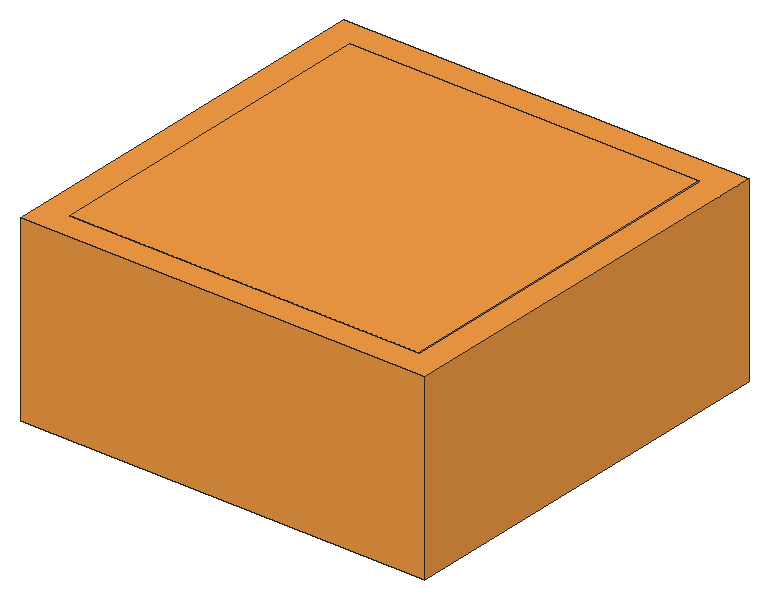
Revit family "Detector óptico térmico_Aguilera Electronica", category Dispositivos de alarma de incendios, Revit 2017
Family settings
  Anfitrión = Cara
  Mantener orientación de anotación = Sí
  Cota de conector redondo = Diámetro de uso
  Tipo de pieza = Normal
  Número OmniClass = 23.85.30.21.11.11.11
  Título OmniClass = Smoke Detectors
  Corte con vacíos al cargar = No
  Compartido = No
  Punto de cálculo de habitación = No
Parameters (values of type "Detector óptico térmico con suplemento para superficie")
  Zona de acción 80 m2 = yes
  Zona de acción 60 m2 = yes
  Símbolo = yes
  Suplemento para superficie = yes
  Símbolo texto modelo = yes
  Radio = Diámetro / 2  # 49.5 mm
  Altura 3 = 17 mm  # constant formula
  Altura 2 = 30 mm
  URL = "https://aguilera.es/?productos=detector-optico-termico"
  Modelo = "AE/C5-OPT + AE/C5-ZA"
  Fabricante = "Aguilera Electrónica"  # constant formula
  Elevación por defecto = 1200 mm
  Diámetro = 99 mm  # constant formula
  Descripción = "Detector óptico de humos que opera según el principio de luz dispersa (efecto Tyndall). Está indicado para detectar los incendios en su primera fase de humos, antes de quese formen llamas o de que se produzcan aumentos peligrosos de temperatura. Formado por una cámara oscura que incorpora un emisor y un receptor que detectanla presencia de partículas de humo en su interior, y un sensor de temperatura. El detector dispone de 2 indicadores luminosos (LED) que indican de manera visible suestado de funcionamiento en reposo y alarma. Además puede ser conectado un indicadorde acción remoto, conectándolo a la base del detector. Una vez activado el detector, la alarma se queda enclavada, siendo necesario hacer un corte momentáneo de la alimentación para poder reponerlo. Fabricado según normas EN 54-7:2000 y EN 54-5:2000. Respuesta térmica clase A2. Debido al método de detección de este tipo de detectores se recomienda su instalación en ambientes limpios."  # constant formula
  Type Comments = "Detector óptico de humos y térmico de calor (clase A). Certificados LPCB según normas EN 54-5 y EN 54-7.\r\n\r\nDetectores de bajo perfil con diseño atractivo. Fabricados con tecnología SMD, disponen de doble indicador luminoso, salida de alarma remota y misma base intercambiable de fácil conexión.\r\n\r\nZócalo y protector de polvo incluidos.\r\n\r\n    Conexión a 2 hilos.\r\n    Alimentación entre 15 y 35 Vcc.\r\n    Consumo: 35 ?A (reposo), 80 mA (alarma).\r\n    Medidas: Ø 99 mm, altura con base incluida: 61 mm.\r\n\r\n"  # constant formula
  Altura 1 = 38 mm  # constant formula
Types (5, lengths in mm): name | Suplemento para superficie | Altura 2 | Modelo
  (no name) | yes | 30 | "AE/C5-OPT + AE/C5-ZA"
  Detector óptico térmico | no | 1 | "AE/C5-OPT"
  Detector óptico térmico con suplemento para superficie | yes | 30 | "AE/C5-OPT + AE/C5-ZA"
  Detector óptico térmico con zócalo bajo | no | 10 | "AE/C5-OPT + AE/ZCB"
  Detector óptico térmico con zócalo alto | no | 22 | "AE/C5-OPT + AE/ZCA"
Reference planes
  plane 1 "Centro (Frontal/Posterior)": y = 0
  plane 2: z = 0
  plane 3 "Centro (Izquierda/Derecha)": x = 0
  plane 4: z = 85
  plane 5: z = 68
  plane 6: z = 30
Forms (mm)
  Extrusion 1, solid
    sketch origin (0, 0, 0) x (1, 0, 0) y (0, 1, 0)
      loop
        line (-1219.2, 1219.2) -> (-1219.2, -1219.2) -> (1219.2, -1219.2) -> (1219.2, 1219.2) -> (-1219.2, 1219.2)
    from 0 to -304.8
  Extrusion 2, solid, material "Carcasa ABS", detail levels fine
    sketch origin (0, 0, 0) x (1, 0, 0) y (0, 1, 0)
      loop
        circle (0, 0) r 18.837
    from 83.409 to 85
  Extrusion 3, solid, material "Carcasa ABS", detail levels fine
    sketch origin (-4.745, 0, 83.026) x (1, 0, 0) y (0, 0, -1)
      loop
        line (-11.595, 15.026) -> (-27.226, 15.026)
        arc (-27.226, 15.026) -> (-19.312, 8.242) -> (-13.459, -0.384) r 39.318
        line (-13.459, -0.384) -> (-11.595, -0.384) -> (-11.595, 15.026)
    from -2.054 to 1.982
  Revolve 4, solid, material "Carcasa ABS"
    sketch origin (0, 0, 0) x (0, 1, 0) y (0, 0, 1)
      loop
        line (-49.5, 30) -> (-49.5, 0) -> (0, 0) -> (0, 30) -> (-49.5, 30)
      axis (0, 30) -> (0, 0)
    angle from 0 to 360
  Extrusion 5, solid, material "Carcasa ABS", visible <- "Suplemento para superficie", detail levels medium+fine
    sketch origin (0, 0, 28.069) x (0, 1, 0) y (0, 0, 1)
      loop
        circle (0, -13.675) r 10
    from 46.956 to 49.451
  Extrusion 6, solid, material "Carcasa ABS", visible <- "Suplemento para superficie", detail levels medium+fine
    sketch origin (0, 0, 28.069) x (-1, 0, 0) y (0, 0, 1)
      loop
        circle (0, -13.675) r 10
    from 46.733 to 49.566
  Extrusion 7, solid, material "Carcasa ABS", visible <- "Suplemento para superficie", detail levels medium+fine
    sketch origin (0, 0, 28.069) x (0, 1, 0) y (0, 0, -1)
      loop
        circle (0, 13.675) r 10
    from 47.25 to 49.524
  Extrusion 8, solid, material "Carcasa ABS", detail levels fine
    sketch origin (4.771, 0, 83.026) x (-1, 0, 0) y (0, 0, 1)
      loop
        line (-11.623, -15.026) -> (-11.623, 0.384) -> (-13.433, 0.384)
        arc (-13.433, 0.384) -> (-19.259, -8.236) -> (-27.141, -15.026) r 39.328
        line (-27.141, -15.026) -> (-11.623, -15.026)
    from -2.054 to 1.982
  Revolve 9, solid, material "Carcasa ABS", detail levels medium+fine
    sketch origin (0, 0, 0) x (1, 0, 0) y (0, 0, 1)
      loop
        arc (-44.248, 68) -> (-47.962, 66.462) -> (-49.5, 62.748) r 5.252
        line (-49.5, 62.748) -> (-49.5, 30) -> (-18.204, 30) -> (-18.204, 68) -> (-44.248, 68)
      axis (0, 30) -> (0, 68)
    angle from 0 to 360
  Extrusion 10, solid, material "Zona de acción", visible <- "Zona de acción 80 m2"
    sketch origin (-3703.865, 3705, 0) x (1, 0, 0) y (0, 1, 0)
      loop
        line (-746.135, -8155) -> (8153.865, -8155) -> (8153.865, 745) -> (-746.135, 745) -> (-746.135, -8155)
    from 0 to 4000
  Extrusion 11, solid, material "Zona de acción", visible <- "Zona de acción 60 m2"
    sketch origin (-4303.865, 3105, 0) x (1, 0, 0) y (0, 1, 0)
      loop
        line (453.865, -6955) -> (8153.865, -6955) -> (8153.865, 745) -> (453.865, 745) -> (453.865, -6955)
    from 0 to 4000
  Revolve 12, solid, material "Carcasa ABS", detail levels fine
    sketch origin (0, 0, 0) x (0, 1, 0) y (0, 0, 1)
      loop
        line (0, 85) -> (0, 91.194) -> (-5.842, 91.194) -> (-9.418, 85) -> (0, 85)
      axis (0, 91.194) -> (0, 85)
    angle from 0 to 360
  Extrusion 13, solid, material "Carcasa ABS", detail levels fine
    sketch origin (-2.359, 4.065, 83.026) x (0.50057, -0.865696, 0) y (0, 0, -1)
      loop
        line (-11.595, 15.026) -> (-27.226, 15.026)
        arc (-27.226, 15.026) -> (-19.312, 8.242) -> (-13.459, -0.384) r 39.318
        line (-13.459, -0.384) -> (-11.595, -0.384) -> (-11.595, 15.026)
    from -2.054 to 1.982
  Extrusion 14, solid, material "Carcasa ABS", detail levels fine
    sketch origin (2.405, -4.174, 83.026) x (-0.50057, 0.865696, 0) y (0, 0, 1)
      loop
        line (-11.623, -15.026) -> (-11.623, 0.384) -> (-13.433, 0.384)
        arc (-13.433, 0.384) -> (-19.259, -8.236) -> (-27.141, -15.026) r 39.328
        line (-27.141, -15.026) -> (-11.623, -15.026)
    from -2.054 to 1.982
  Extrusion 15, solid, material "Carcasa ABS", detail levels fine
    sketch origin (2.363, 4.028, 83.026) x (-0.500735, -0.865601, 0) y (0, 0, -1)
      loop
        line (-11.595, 15.026) -> (-27.226, 15.026)
        arc (-27.226, 15.026) -> (-19.312, 8.242) -> (-13.459, -0.384) r 39.318
        line (-13.459, -0.384) -> (-11.595, -0.384) -> (-11.595, 15.026)
    from -2.054 to 1.982
  Extrusion 16, solid, material "Carcasa ABS", detail levels fine
    sketch origin (-2.402, -4.209, 83.026) x (0.500735, 0.865601, 0) y (0, 0, 1)
      loop
        line (-11.623, -15.026) -> (-11.623, 0.384) -> (-13.433, 0.384)
        arc (-13.433, 0.384) -> (-19.259, -8.236) -> (-27.141, -15.026) r 39.328
        line (-27.141, -15.026) -> (-11.623, -15.026)
    from -2.054 to 1.982
Dimensions and locks
  locked: Extrusion 2 to Extrusion 2 at 1.591
  "Altura 2": plane 6 to Extrusion 1
  "Altura 1": plane 5 to plane 6
  "Altura 3": plane 4 to plane 5
  "Radio": Revolve 4 sketch curve to Revolve 4 sketch curve
  "Radio": plane 3 "Centro (Izquierda/Derecha)" to Revolve 9 sketch curve
  aligned and locked: plane 2 to Extrusion 1
  aligned and locked: level to Extrusion 1
  aligned and locked: plane 4 to Extrusion 2
  aligned and locked: Extrusion 1 to Revolve 4 sketch curve
  aligned and locked: plane 1 "Centro (Frontal/Posterior)" to Revolve 4 sketch curve  (x2)
  aligned and locked: Extrusion 3 to plane 5
  aligned and locked: Revolve 4 sketch curve to plane 6
  aligned and locked: Revolve 9 sketch curve to plane 3 "Centro (Izquierda/Derecha)"
  aligned and locked: plane 6 to Revolve 9 sketch curve
  aligned and locked: Revolve 9 sketch curve to plane 5
  aligned and locked: Extrusion 3 to Extrusion 2
  aligned and locked: Extrusion 8 to Extrusion 2
  aligned and locked: Extrusion 8 to plane 5
Automatic sketch dimensions
  Extrusion 1 sketch curve to Extrusion 1 sketch curve = 2438.4 mm  (x2)
  plane 1 "Centro (Frontal/Posterior)" to Extrusion 2 sketch curve = 0 mm
  Extrusion 2 sketch curve to plane 3 "Centro (Izquierda/Derecha)" = 0 mm
  Extrusion 3 sketch curve to plane 5 = 0 mm
  Extrusion 3 sketch curve to plane 4 = 1.591 mm
  plane 4 to Extrusion 3 sketch curve = 15.98 mm
  Extrusion 3 sketch curve to plane 3 "Centro (Izquierda/Derecha)" = 53.377 mm
  Extrusion 3 sketch curve to plane 3 "Centro (Izquierda/Derecha)" = 31.971 mm
  Extrusion 3 sketch curve to Extrusion 3 sketch curve = 1.863 mm
  Extrusion 5 sketch curve to plane 1 "Centro (Frontal/Posterior)" = 0 mm
  level to Extrusion 5 sketch curve = 14.394 mm
  Extrusion 6 sketch curve to plane 3 "Centro (Izquierda/Derecha)" = 0 mm
  level to Extrusion 6 sketch curve = 14.394 mm
  Extrusion 7 sketch curve to plane 1 "Centro (Frontal/Posterior)" = 0 mm
  level to Extrusion 7 sketch curve = 14.394 mm
  Extrusion 8 sketch curve to plane 5 = 0 mm
  Extrusion 8 sketch curve to plane 4 = 1.591 mm
  plane 4 to Extrusion 8 sketch curve = 15.93 mm
  plane 3 "Centro (Izquierda/Derecha)" to Extrusion 8 sketch curve = 53.414 mm
  plane 3 "Centro (Izquierda/Derecha)" to Extrusion 8 sketch curve = 31.912 mm
  Extrusion 8 sketch curve to Extrusion 8 sketch curve = 1.81 mm
  Extrusion 10 sketch curve to plane 3 "Centro (Izquierda/Derecha)" = 4450 mm
  plane 3 "Centro (Izquierda/Derecha)" to Extrusion 10 sketch curve = 4450 mm
  plane 1 "Centro (Frontal/Posterior)" to Extrusion 10 sketch curve = 4450 mm
  Extrusion 10 sketch curve to plane 1 "Centro (Frontal/Posterior)" = 4450 mm
  Extrusion 11 sketch curve to plane 3 "Centro (Izquierda/Derecha)" = 3850 mm
  plane 3 "Centro (Izquierda/Derecha)" to Extrusion 11 sketch curve = 3850 mm
  plane 1 "Centro (Frontal/Posterior)" to Extrusion 11 sketch curve = 3850 mm
  Extrusion 11 sketch curve to plane 1 "Centro (Frontal/Posterior)" = 3850 mm
  Revolve 12 sketch curve to plane 4 = 0 mm
  Revolve 12 sketch curve to plane 1 "Centro (Frontal/Posterior)" = 0 mm  (x2)
  plane 1 "Centro (Frontal/Posterior)" to Revolve 12 sketch curve = 5.842 mm
  Revolve 12 sketch curve to Revolve 12 sketch curve = 3.576 mm
  plane 4 to Revolve 12 sketch curve = 6.194 mm
  Revolve 12 sketch curve to plane 5 = 2.457 mm
  Revolve 12 sketch curve to Revolve 12 sketch curve = 4.948 mm
  plane 5 to Extrusion 13 sketch curve = 0 mm
  plane 4 to Extrusion 13 sketch curve = 15.98 mm
  Extrusion 13 sketch curve to Extrusion 13 sketch curve = 21.406 mm
  Extrusion 13 sketch curve to plane 4 = 1.591 mm
  Extrusion 13 sketch curve to Extrusion 13 sketch curve = 1.863 mm
  plane 5 to Extrusion 14 sketch curve = 0 mm
  plane 4 to Extrusion 14 sketch curve = 15.93 mm
  Extrusion 14 sketch curve to Extrusion 14 sketch curve = 21.501 mm
  Extrusion 14 sketch curve to plane 4 = 1.591 mm
  Extrusion 14 sketch curve to Extrusion 14 sketch curve = 1.81 mm
  Extrusion 15 sketch curve to plane 5 = 0 mm
  plane 4 to Extrusion 15 sketch curve = 15.98 mm
  Extrusion 15 sketch curve to Extrusion 15 sketch curve = 21.406 mm
  Extrusion 15 sketch curve to plane 4 = 1.591 mm
  Extrusion 15 sketch curve to Extrusion 15 sketch curve = 1.863 mm
  Extrusion 16 sketch curve to plane 5 = 0 mm
  plane 4 to Extrusion 16 sketch curve = 15.93 mm
  Extrusion 16 sketch curve to Extrusion 16 sketch curve = 21.501 mm
  Extrusion 16 sketch curve to plane 4 = 1.591 mm
  Extrusion 16 sketch curve to Extrusion 16 sketch curve = 1.81 mm
  Revolve 4 sketch curve to level = 4.781 mm
  Revolve 4 sketch curve to Revolve 4 sketch curve = 7.426 mm
  Revolve 9 sketch curve to plane 5 = 5.252 mm
  Revolve 9 sketch curve to plane 3 "Centro (Izquierda/Derecha)" = 18.204 mm
  plane 6 to Revolve 9 sketch curve = 2.38 mm
  Revolve 9 sketch curve to Revolve 9 sketch curve = 9 mm
  radius of Extrusion 2 sketch curve = 18.837 mm
  radius of Extrusion 5 sketch curve = 10 mm
  radius of Extrusion 6 sketch curve = 10 mm
  radius of Extrusion 7 sketch curve = 10 mm
Nested families
  nested 1: "S_Detector óptico-térmico_Aguilera Electronica" at (0, 2.084, 0), visible <- "Símbolo", type "S_Detector óptico-térmico_Aguilera Electronica", detail levels coarse
Connectors
  cabletrayconduit at (49.451, 0, 14.394), diameter 20
    settings: on Extrusion 5, index 2, connector width 300 mm, connector height 300 mm, connector angle 0.00°, system type 32, placement type 0, profile type 0, connector reference index -1, is primary connector yes, connector utility param no, connector description ""
  cabletrayconduit at (0, 49.566, 14.394), diameter 20
    settings: on Extrusion 6, index 3, connector width 300 mm, connector height 300 mm, connector angle 0.00°, system type 32, placement type 0, profile type 0, connector reference index -1, is primary connector no, connector utility param no, connector description ""
  cabletrayconduit at (-49.524, 0, 14.394), diameter 20
    settings: on Extrusion 7, index 4, connector width 300 mm, connector height 300 mm, connector angle 0.00°, system type 32, placement type 0, profile type 0, connector reference index -1, is primary connector no, connector utility param no, connector description ""
  electrical at (0, 0, 0), driven by "Modelo"
    settings: on Revolve 4, index 5, voltage 0 V, apparent load 0 VA, apparent load phase1 0 VA, apparent load phase2 0 VA, apparent load phase3 0 VA, power factor 1, load classification "Otro", number of poles 1, system type 11, power factor state 1, is connector primary yes, connector utility no, sub classification motor no, connector description "AE/C5-OPT + AE/C5-ZA"
Definition of nested family "S_Detector óptico-térmico_Aguilera Electronica"
  Parameters (values of type "S_Detector óptico-térmico_Aguilera Electronica")
    Texto símbolo = "S.A"
    Texto modelo = yes
    Modelo = "Detector óptico-térmico"
  Reference planes
    plane 1: y = 0
    plane 2: x = 0
  Lines and regions (mm)
    detail lines
      curve 1: line (-4.116, -2.084, 0) -> (4.116, -2.084, 0)
      curve 2: line (-4.116, 2.084, 0) -> (-4.116, -2.084, 0)
      curve 3: line (4.116, 2.084, 0) -> (-4.116, 2.084, 0)
      curve 4: line (4.116, -2.084, 0) -> (4.116, 2.084, 0)
      curve 5: line (-3.183, 0, 0) -> (-1.842, 1.341, 0)
      curve 6: line (-1.842, 1.341, 0) -> (0.89, -1.392, 0)
      curve 7: line (0.89, -1.392, 0) -> (2.316, 0.034, 0)
      curve 8: circle (2.705, -0.432, 0) r 0.607 normal (0, 0, 1)
      curve 9: line (-3.183, 0, 0) -> (2.282, 0, 0)
  Text (mm)
    label "Texto símbolo" at (-2.438, -1.13, 0), shows "Texto símbolo"
    label "Modelo" at (0.158, -3.714, 0), shows "Modelo", visible <- "Texto modelo"
